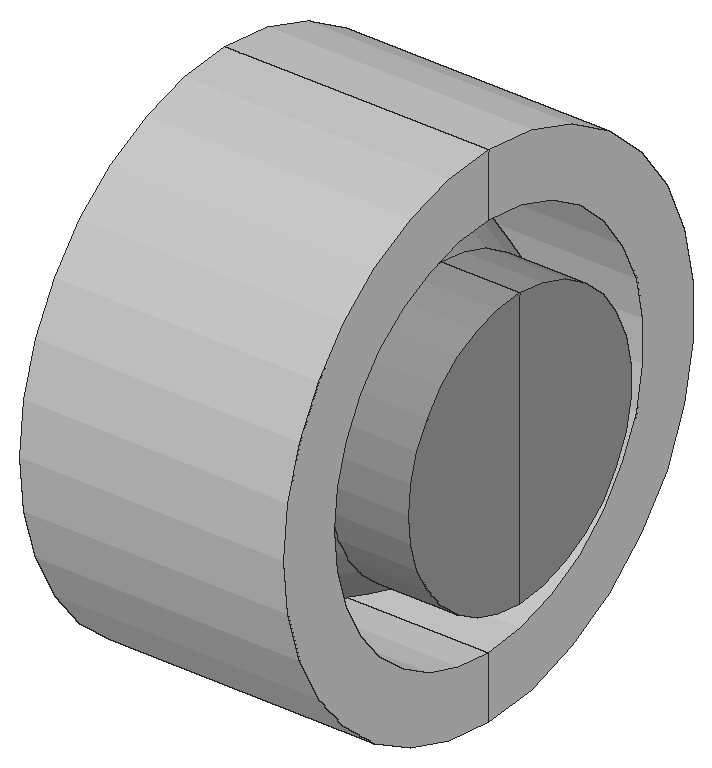
Revit family "6274_Klemmset G3_4 (metallisch dichtend)", category Rohrformteile, Revit 2021
Family settings
  Bemaßung runder Anschluss = Durchmesser verwenden
  Teiletyp = Verbindung
  OmniClass-Nummer = 23.65.55.14
  OmniClass-Titel = Valves for Liquid Services
  Arbeitsebenenbasiert = Nein
  Immer vertikal = Ja
  Beim Laden mit Abzugskörper schneiden = Nein
  Gemeinsam genutzt = Nein
Parameters (values of type "G3/4 x 8mm")
  Vorgabe-Ansicht = 0.00 mm
  URL = "www.herz-armaturen.at"
  SCRNSEQ = "AWI;AWI_TYP=\"1001\";2"
  SCRNCODE = "07;01;02"  # constant formula
  S03 = 5.00 mm  # constant formula
  S02 = 5.00 mm  # constant formula
  S01 [instance] = ML02 + KL00  # 19.00 mm
  O-Ring = "EPDM"  # constant formula
  Nennweite_klein [instance] = if([3_4x8mm], 8.00 mm, if([3_4x10mm], 10.00 mm, if([3_4x12mm], 12.00 mm, if([3_4x14mm], 14.00 mm, if([3_4x15mm], 15.00 mm, if([3_4x16mm], 16.00 mm, 0.00 mm))))))  # 8.00 mm
  Nennweite = 20.00 mm  # constant formula
  Mutter = "CW614N, G3/4 ISO 228-1"  # constant formula
  Medium = "Heizungswasser nach ÖNORM H5195 oder VDI- Richtlinie 2035.\r\nDie Verwendung von Ethylen- oder Propyleneglykol in einem Mischungsverhältnis 25- 50% ist zulässig."
  Max. Betriebstemperatur = 110 °C  # constant formula
  Max. Betriebsdruck = "gemäß EN 1254-2: 1988, Tabelle 5\r"  # constant formula
  ML02 = 1.50 mm  # constant formula
  ML01 = 13.00 mm  # constant formula
  ML00 = 17.00 mm  # constant formula
  MD02 = 12.50 mm  # constant formula
  MD01 [instance] = if(Nennweite_klein = 8.00 mm, 4.10 mm, if(Nennweite_klein = 10.00 mm, 5.10 mm, if(Nennweite_klein = 12.00 mm, 6.10 mm, if(Nennweite_klein = 14.00 mm, 7.10 mm, if(Nennweite_klein = 15.00 mm, 7.60 mm, if(Nennweite_klein = 16.00 mm, 8.10 mm, 0.00 mm))))))  # 4.10 mm
  MD00 = 16.50 mm  # constant formula
  Klemmring = "CW617N"  # constant formula
  KL04 = 10.00 mm  # constant formula
  KL03 [instance] = if(Nennweite_klein = 8.00 mm, 1.50 mm, if(Nennweite_klein = 10.00 mm, 7.00 mm, if(Nennweite_klein = 12.00 mm, 1.50 mm, if(Nennweite_klein = 14.00 mm, 1.50 mm, if(Nennweite_klein = 15.00 mm, 2.00 mm, if(Nennweite_klein = 16.00 mm, 2.00 mm, 0.00 mm))))))  # 1.50 mm
  KL02 [instance] = if(Nennweite_klein = 8.00 mm, 5.10 mm, if(Nennweite_klein = 10.00 mm, 6.00 mm, if(Nennweite_klein = 12.00 mm, 6.00 mm, if(Nennweite_klein = 14.00 mm, 6.00 mm, if(Nennweite_klein = 15.00 mm, 6.00 mm, if(Nennweite_klein = 16.00 mm, 6.00 mm, 0.00 mm))))))  # 5.10 mm
  KL01 [instance] = if(Nennweite_klein = 8.00 mm, 9.50 mm, if(Nennweite_klein = 10.00 mm, 10.00 mm, if(Nennweite_klein = 12.00 mm, 10.00 mm, if(Nennweite_klein = 14.00 mm, 10.00 mm, if(Nennweite_klein = 15.00 mm, 10.00 mm, if(Nennweite_klein = 16.00 mm, 10.00 mm, 0.00 mm))))))  # 9.50 mm
  KL00 [instance] = if(Nennweite_klein = 8.00 mm, 17.50 mm, if(Nennweite_klein = 10.00 mm, 18.00 mm, if(Nennweite_klein = 12.00 mm, 18.00 mm, if(Nennweite_klein = 14.00 mm, 18.00 mm, if(Nennweite_klein = 15.00 mm, 18.00 mm, if(Nennweite_klein = 16.00 mm, 18.00 mm, 0.00 mm))))))  # 17.50 mm
  KD04 [instance] = Nennweite_klein / 2  # 4.00 mm
  KD03 [instance] = KD04 + 0.80 mm  # 4.80 mm
  KD02 [instance] = if(Nennweite_klein = 8.00 mm, 6.25 mm, if(Nennweite_klein = 10.00 mm, 7.00 mm, if(Nennweite_klein = 12.00 mm, 8.00 mm, if(Nennweite_klein = 14.00 mm, 9.00 mm, if(Nennweite_klein = 15.00 mm, 9.50 mm, if(Nennweite_klein = 16.00 mm, 9.70 mm, 0.00 mm))))))  # 6.25 mm
  KD01 = 10.50 mm  # constant formula
  KD00 = 8.95 mm  # constant formula
  Hersteller = "HERZ Armaturen Ges.m.b.H."  # constant formula
  Bestellnummer [instance] = if(Nennweite_klein = 8.00 mm, 1627418, if(Nennweite_klein = 10.00 mm, 1627400, if(Nennweite_klein = 12.00 mm, 1627401, if(Nennweite_klein = 14.00 mm, 1627402, if(Nennweite_klein = 15.00 mm, 1627403, if(Nennweite_klein = 16.00 mm, 1627404, 0))))))  # 1627418
  Ausführung = "6274 G3/4 - 8mm - 16mm:\r\nKlemmring mit aufgezogenem O- Ring, metallisch dichtend zum Rohr, Klemmringmutter G3/4 vernickelt.\r\nEinsetzbar für Weichstahl- und Kuperrohr.\r\nNicht geeignet für verchromte oder Edelstahlrohre."
  Anwendungsgeiet = "Der Klemmring stellt eine absolut sichere Verbindung zwischen dem Ventilgehäuse und dem Rohr dar.\r\nDiese Verbindung eignet sich besonders für Kupferrohre und dünnwandige Stahlrohre und kann bei Bedarf jederzeit gelöst werden.\r\nEine einwandfreie Dichtheit auf Dauer ist dann gegeben, wenn die Montage gemäß der Verarbeitungsanleitung durchgeführt wurde.\r\n\r\nNach Anzug der Klemmschraube verkeilt sich der Klemmring zwischen Rohrwand und Innenkonus von Gehäuse und Klemmschraube.\r\nDabei wird das Rohr in seiner Lage durch Kraftschluss fixiert und gegen Axialverschiebung gesichert.\r\nDie dabei entstehende Pressung sorgt für sichere Dichtheit.\r\nDie innen im Klemmring befindlichen Rillen stellen eine Labyrinthdichtung dar und helfen Unebenheiten des Rohres zu überbrücken.\r\n\r\nDie Klemmverschraubung kann mehrmals gelöst werden und stellt eine einfache und sichere Verbindung dar.\r\nFür die Güte der Verbindung ist es wichtig, dass das Rohr gegen den Anschlag im Innenkonus stößt, also ausreichend tief eingeschoben ist.\r\n\r\nDie asymetrischen Klemmringe (6274, 6284, 6294) mit integrierten Reduzierhüllen ermöglichen den Rohranschluss von Rohren mit Durchmesser 8 - 16mm an einen Ventilkörper.\r\nDiese Ausführung stellt ein Optimum an Kombinationsmöglichkeiten sicher."
  3_4x8mm = yes
  3_4x16mm = no
  3_4x15mm = no
  3_4x14mm = no
  3_4x12mm = no
  3_4x10mm = no
Types (7, lengths in mm): name | S01 | Nennweite_klein | MD01 | KL03 | KL02 | KL01 | KL00 | KD04 | KD03 | KD02 | Bestellnummer | 3_4x8mm | 3_4x16mm | 3_4x15mm | 3_4x14mm | 3_4x12mm | 3_4x10mm
  (no name) | 19.00 | 8.00 | 4.10 | 1.50 | 5.10 | 9.50 | 17.50 | 4.00 | 4.80 | 6.25 | 1627418 | yes | no | no | no | no | no
  G3/4 x 8mm | 19.00 | 8.00 | 4.10 | 1.50 | 5.10 | 9.50 | 17.50 | 4.00 | 4.80 | 6.25 | 1627418 | yes | no | no | no | no | no
  G3/4 x 10mm | 19.50 | 10.00 | 5.10 | 7.00 | 6.00 | 10.00 | 18.00 | 5.00 | 5.80 | 7.00 | 1627400 | no | no | no | no | no | yes
  G3/4 x 12mm | 19.50 | 12.00 | 6.10 | 1.50 | 6.00 | 10.00 | 18.00 | 6.00 | 6.80 | 8.00 | 1627401 | no | no | no | no | yes | no
  G3/4 x 14mm | 19.50 | 14.00 | 7.10 | 1.50 | 6.00 | 10.00 | 18.00 | 7.00 | 7.80 | 9.00 | 1627402 | no | no | no | yes | no | no
  G3/4 x 15mm | 19.50 | 15.00 | 7.60 | 2.00 | 6.00 | 10.00 | 18.00 | 7.50 | 8.30 | 9.50 | 1627403 | no | no | yes | no | no | no
  G3/4 x 16mm | 19.50 | 16.00 | 8.10 | 2.00 | 6.00 | 10.00 | 18.00 | 8.00 | 8.80 | 9.70 | 1627404 | no | yes | no | no | no | no
Reference planes
  plane 1 "Mitte (Vorne/hinten)": y = 0
  plane 2: z = 0
  plane 3 "Mitte (Links/rechts)": x = 0
Forms (mm)
  Revolve 1, solid, material "Messing, vernickelt", detail levels fine
    sketch origin (0, 0, 0) x (1, 0, 0) y (0, 0, 1)
      loop
        line (0, 4.1) -> (4, 4.1) -> (4, 12.5) -> (17, 12.5) -> (17, 16.5) -> (0, 16.5) -> (0, 4.1)
      axis (0, 0) -> (17, 0)
    angle from 0 to 360
  Revolve 2, solid, material "Messing, weicher Gelbton, geschweißt", detail levels fine
    sketch origin (-16.838, 0, 0) x (1, 0, 0) y (0, 0, 1)
      loop
        line (35.838, 0) -> (35.838, 8.95) -> (30.738, 8.95) -> (27.838, 10.5) -> (26.338, 10.5) -> (26.338, 6.25) -> (21.927, 6.25) -> (18.338, 4.8) -> (18.338, 4) -> (28.338, 4) -> (28.338, 0) -> (35.838, 0)
      axis (18.338, 0) -> (35.838, 0)
    angle from 0 to 360
Lines and regions (mm)
  model lines, detail levels coarse+medium
    curve 1: line (0, 0, 0) -> (19, 0, 0)
    curve 2: line (14, 0, 16.5) -> (14, 0, -16.5)
    curve 3: line (14, 0, -16.5) -> (9, 0, -16.5)
    curve 4: line (9, 0, -16.5) -> (14, 0, 0)
    curve 5: line (14, 0, 16.5) -> (9, 0, 16.5)
    curve 6: line (9, 0, 16.5) -> (14, 0, 0)
    curve 7: line (14, -16.5, 0) -> (14, 16.5, 0)
    curve 8: line (14, 16.5, 0) -> (9, 16.5, 0)
    curve 9: line (9, 16.5, 0) -> (14, 0, 0)
    curve 10: line (14, -16.5, 0) -> (9, -16.5, 0)
    curve 11: line (9, -16.5, 0) -> (14, 0, 0)
Dimensions and locks
  "MD00": Revolve 1 sketch curve to plane 2
  "ML00": Revolve 1 sketch curve to plane 3 "Mitte (Links/rechts)"
  "MD02": Revolve 1 sketch curve to plane 2
  "ML01": Revolve 1 sketch curve to Revolve 1 sketch curve
  "MD01": Revolve 1 sketch curve to plane 2
  "ML02": Revolve 2 sketch curve to plane 3 "Mitte (Links/rechts)"
  "KL00": Revolve 2 sketch curve to Revolve 2 sketch curve
  "KD00": Revolve 2 sketch curve to plane 2
  "KD01": Revolve 2 sketch curve to plane 2
  "KD02": Revolve 2 sketch curve to plane 2
  "KD03": Revolve 2 sketch curve to plane 2
  "KL02": Revolve 2 sketch curve to Revolve 2 sketch curve
  "KL01": Revolve 2 sketch curve to Revolve 2 sketch curve
  "KL03": Revolve 2 sketch curve to Revolve 2 sketch curve
  "KL04": Revolve 2 sketch curve to Revolve 2 sketch curve
  "KD04": Revolve 2 sketch curve to plane 2
  "S01": curve 1 to curve 1
  "S02": curve 2 to curve 1
  "S03": curve 6 to curve 2
  "MD00": curve 5 to plane 2 to curve 3
  "S02": curve 7 to curve 1
  "S03": curve 9 to curve 7
  "MD00": curve 8 to plane 1 "Mitte (Vorne/hinten)" to curve 10
  aligned and locked: level to plane 2
Automatic sketch dimensions
  curve 1 to level = 0.00 mm
  curve 1 to plane 3 "Mitte (Links/rechts)" = 0.00 mm
  curve 4 to level = 0.00 mm
  curve 4 to curve 2 = 5.00 mm
  curve 6 to curve 4 = 0.00 mm
  plane 1 "Mitte (Vorne/hinten)" to curve 9 = 0.00 mm
  plane 1 "Mitte (Vorne/hinten)" to curve 11 = 0.00 mm
  curve 10 to curve 7 = 5.00 mm
  Revolve 1 sketch curve to level = 0.00 mm
  Revolve 1 sketch curve to plane 3 "Mitte (Links/rechts)" = 0.00 mm
  Revolve 1 sketch curve to plane 3 "Mitte (Links/rechts)" = 1506.53 mm
  Revolve 1 sketch curve to Revolve 1 sketch curve = 1822.148 mm
  Revolve 2 sketch curve to level = 0.00 mm  (x2)
  Revolve 2 sketch curve to Revolve 2 sketch curve = 3.589 mm
  Revolve 2 sketch curve to plane 3 "Mitte (Links/rechts)" = 1523.368 mm
  Revolve 2 sketch curve to Revolve 2 sketch curve = 1803.31 mm
Connectors
  piping at (4, 0, 0), diameter 20, driven by "Nennweite"
    settings: on Revolve 1, index 1, connector inside diameter 609.6 mm, connector length 0.00 mm, flow factor 0, pipe flow 0.0 L/s, pressure drop 0.0 Pa, fitting loss kfactor 0, connector angle 0.00°, fixture units 0, engagement length 0.00 mm, angle of deflection 0.00°, flow configuration 0, flow direction 0, fitting loss method 0, system type 29, joint type 0, gender type 0, connector reference index -1, connector utility 0, adjustable connector no, is connector primary yes, connector description ""
  piping at (11.5, 0, 0), diameter 8, driven by "Nennweite_klein"
    settings: on Revolve 2, index 2, connector inside diameter 609.6 mm, connector length 0.00 mm, flow factor 0, pipe flow 0.0 L/s, pressure drop 0.0 Pa, fitting loss kfactor 0, connector angle 0.00°, fixture units 0, engagement length 0.00 mm, angle of deflection 0.00°, flow configuration 0, flow direction 0, fitting loss method 0, system type 29, joint type 0, gender type 0, connector reference index -1, connector utility 0, adjustable connector no, is connector primary no, connector description ""
